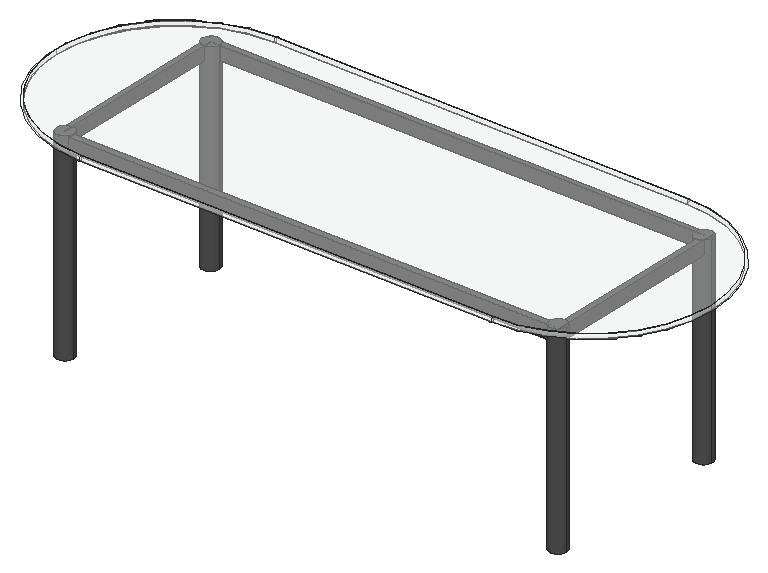
Revit family
Parameters (values of type "0915 x 2440mm Glass Top")
  Length = 2440.00 mm
  Base Material = Metal - Chrome
  Top Material = Glass - Clear, Grey
  Width = 915.00 mm
Types (5, lengths in mm): name | Length | Base Material | Top Material
  (no name) | 2440.00 | Metal - Chrome | Glass - Clear, Grey
  0915 x 1830mm | 1830.00 | none | none
  0915 x 2440mm Glass Top | 2440.00 | Metal - Chrome | Glass - Clear, Grey
  0915 x 1220mm | 1220.00 | none | none
  0915 x 2440mm Laminate Top | 2440.00 | Metal - Bronze, Light Brush | Laminate - Ivory, Matte
Reference planes
  plane 1 "Center (Front/Back)": y = -358.098
  plane 2: z = 0
  plane 3 "Center (Left/Right)": x = -401.82
  plane 4: y = 89.877
  plane 5: y = -806.073
  plane 6: x = -1612.295
  plane 7: x = 808.655
  plane 8: z = 762
  plane 9: x = 818.18
  plane 10: x = -1621.82
  plane 11: y = -815.598
  plane 12: y = 99.402
Forms (mm)
  Extrusion 1, solid, material "Glass - Clear, Grey" <- "Top Material"
    sketch origin (0, 0, 0) x (1, 0, 0) y (0, 1, 0)
      loop
        arc (-1612.295, -358.098) -> (-1481.086, -674.865) -> (-1164.32, -806.073) r 447.975
        line (-1164.32, -806.073) -> (360.68, -806.073)
        arc (360.68, -806.073) -> (677.446, -674.865) -> (808.655, -358.098) r 447.975
        arc (808.655, -358.098) -> (677.446, -41.332) -> (360.68, 89.877) r 447.975
        line (360.68, 89.877) -> (-1164.32, 89.877)
        arc (-1164.32, 89.877) -> (-1481.086, -41.332) -> (-1612.295, -358.098) r 447.975
    from 742.95 to 762
  Extrusion 2, solid, material "Metal - Chrome" <- "Base Material"
    sketch origin (0, 0, 0) x (1, 0, 0) y (0, 1, 0)
      loop
        line (-1332.595, -2.198) -> (-1332.595, -713.998) -> (528.955, -713.998) -> (528.955, -2.198) -> (-1332.595, -2.198)
      loop
        line (-1313.545, -21.248) -> (-1313.545, -694.948) -> (509.905, -694.948) -> (509.905, -21.248) -> (-1313.545, -21.248)
    from 742.95 to 692.15
  Extrusion 3, solid, material "Metal - Chrome" <- "Base Material"
    sketch origin (0, 0, 742.95) x (1, 0, 0) y (0, 1, 0)
      loop
        circle (-1313.545, -21.248) r 31.75
      loop
        circle (-1313.545, -694.948) r 31.75
      loop
        circle (509.905, -21.248) r 31.75
      loop
        circle (509.905, -694.948) r 31.75
    from 0 to -742.95
  Sweep 4, solid, material "Glass - Clear, Grey"
    path origin (0, 0, 0) x (1, 0, 0) y (0, 1, 0)
      loop
        arc (-1164.32, 89.877) -> (-1612.295, -358.098) -> (-1164.32, -806.073) r 447.975
        line (-1164.32, -806.073) -> (360.68, -806.073)
        arc (360.68, -806.073) -> (808.655, -358.098) -> (360.68, 89.877) r 447.975
        line (360.68, 89.877) -> (-1164.32, 89.877)
    profile origin (0, -358.098, 0) x (1, 0, 0) y (0, 0, 1)
      loop
        arc (-1612.295, 762) -> (-1621.82, 752.475) -> (-1612.295, 742.95) r 9.525
        line (-1612.295, 742.95) -> (-1612.295, 762)
Lines and regions (mm)
  Masking region 1
    outline origin (0, 0, 0) x (1, 0, 0) y (0, 1, 0)
      loop
        arc (-1164.32, 89.877) -> (-1481.086, -41.332) -> (-1612.295, -358.098) r 447.975
        arc (-1612.295, -358.098) -> (-1481.086, -674.865) -> (-1164.32, -806.073) r 447.975
        line (-1164.32, -806.073) -> (360.68, -806.073)
        arc (360.68, -806.073) -> (677.446, -674.865) -> (808.655, -358.098) r 447.975
        arc (808.655, -358.098) -> (677.446, -41.332) -> (360.68, 89.877) r 447.975
        line (360.68, 89.877) -> (-1164.32, 89.877)
Dimensions and locks
  equal spacing: plane 11, plane 1 "Center (Front/Back)", plane 12
  "Width": plane 11 to plane 12
  equal spacing: plane 10, plane 3 "Center (Left/Right)", plane 9
  "Length": plane 10 to plane 9
  locked: plane 4 to plane 12 at 9.525
  plane 11 to plane 5 = 9.525 mm
  locked: plane 7 to plane 9 at 9.525
  locked: plane 10 to plane 6 at 9.525
  plane 8 to plane 2 = 762.00 mm
  locked: Extrusion 2 to Extrusion 2 at 50.8
  locked: Extrusion 2 sketch curve to plane 12 at 101.6
  locked: plane 11 to Extrusion 2 sketch curve at 101.6
  locked: Extrusion 2 to Extrusion 3 sketch curve at 19.05  (x4)
  locked: Extrusion 2 sketch curve to Extrusion 2 sketch curve at 19.05  (x2)
  aligned and locked: Sweep 4 sketch curve to Extrusion 1  (x4)
  aligned and locked: Extrusion 3 sketch curve to Extrusion 2  (x2)
  aligned and locked: Extrusion 2 to Extrusion 3 sketch curve  (x2)
  aligned and locked: Masking region 1 sketch curve to Extrusion 1  (x4)
Automatic sketch dimensions
  Extrusion 1 sketch curve to plane 1 "Center (Front/Back)" = 0.00 mm  (x2)
  Extrusion 1 sketch curve to plane 6 = 0.00 mm
  Extrusion 1 sketch curve to plane 4 = 0.00 mm
  Extrusion 1 sketch curve to plane 5 = 0.00 mm
  Extrusion 1 sketch curve to plane 7 = 0.00 mm
  Extrusion 2 sketch curve to Extrusion 2 sketch curve = 19.05 mm  (x2)
  Sweep 4 sketch curve to profile plane = 0.00 mm
  level to Sweep 4 sketch curve = 742.95 mm
  Sweep 4 sketch curve to Sweep 4 sketch curve = 9.525 mm
  Extrusion 3 sketch curve to Extrusion 3 sketch curve = 31.75 mm  (x4)
  plane 7 to Extrusion 2 sketch curve = 298.75 mm
  Extrusion 2 sketch curve to plane 6 = 298.75 mm
